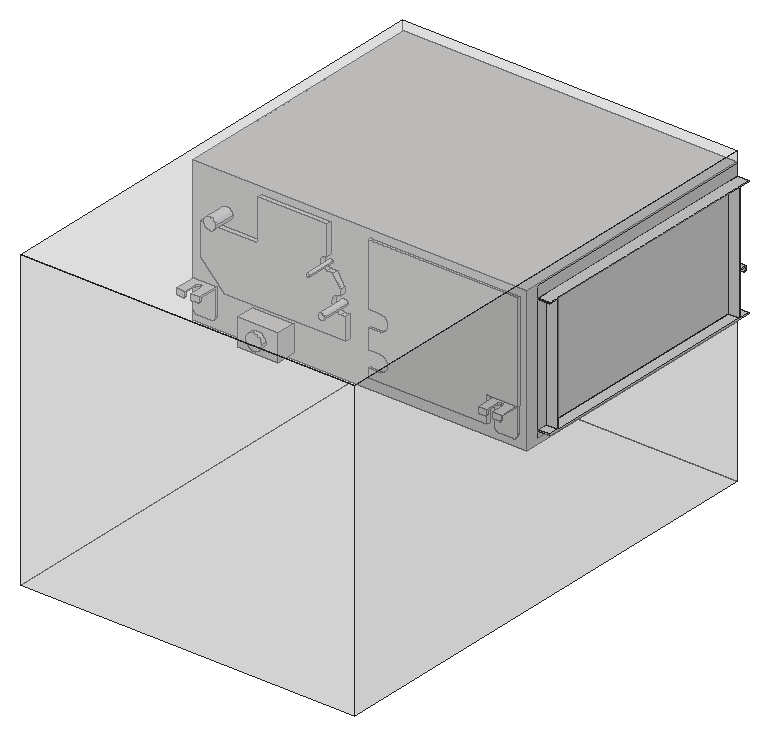
Revit family "outputfile", category 機械設備, Revit 2024
Family settings
  丸型コネクタ寸法 = 半径を使用
  パーツ タイプ = 標準
  OmniClass 番号 = 23.75.10.24.21.27.27
  OmniClass タイトル = Split System Air Conditioning Units
  作業面ベース = いいえ
  常に垂直 = はい
  ロード時にボイドで切り取り = いいえ
  注釈の向きを維持 = いいえ
  共有 = いいえ
  部屋計算ポイント = はい
Parameters (values of type "FXMQ25PAVS")
  Description = ""
  製造元 = "Daikin"
  書き出し IFC クラス(タイプ) = "IfcUnitaryEquipmentType"
  定義済み IFC タイプ(タイプ) = "AIRCONDITIONINGUNIT"
  Cost = 0
  モデル = "FXMQ25PAVS"
  Type Comments = ""
  Keynote = ""
  Type Image = (empty or 0)
  Assembly Code = ""
  r_Liquid Pipe Size = Liquid Pipe Size / 2  # 3.2 mm
  r_Gas Pipe Size = Gas Pipe Size / 2  # 6.35 mm
  r_Drain Pipe Size = Drain Pipe Size / 2  # 12.5 mm
  lw_power = 396.0 mm  # constant formula
  lh_SA = 165.0 mm  # constant formula
  lw_SA = if(Depth = 550.0 mm, 210.0 mm, if(Depth = 700.0 mm, 285.0 mm, if(Depth = 1000.0 mm, 435.0 mm, 635.0 mm)))  # 210.0 mm
  lw_RA = if(Depth = 550.0 mm, 288.0 mm, if(Depth = 700.0 mm, 363.0 mm, if(Depth = 1000.0 mm, 513.0 mm, 713.0 mm)))  # 288.0 mm
  lh_power = 60.0 mm + [h***]  # 60.0 mm
  lh_mountinghole1 = lh_mountinghole + [h***]  # 80.0 mm
  lh_RA = 150.0 mm  # constant formula
  ld_power = Depth / 2  # 275.0 mm
  Voltage_comment_50Hz = "220-240"
  Voltage_50Hz = 220 V
  URL = ""
  Supply Air Direction [instance] = yes
  Sound Power Level_H speed (dB) = 51
  Phase_50Hz = 1
  Minimum External Static Pressure = 30.00 Pa
  Minimum Circuit Amps_50Hz = 0.6 A
  Maximum Fuse Amps_50Hz = 16.0 A
  Maximum External Static Pressure = 100.00 Pa
  Material_Casing = DAIKIN_GalvanizedSteel_Casing_indoorunit
  lw_mountinghole = 631.0 mm  # constant formula
  lh_gaspipe = 144.0 mm + [h***]  # 144.0 mm
  lh_mountinghole = 80.0 mm  # constant formula
  lh_liquidpipe = 212.0 mm + [h***]  # 212.0 mm
  lh_drainpipe = 232.0 mm + [h***]  # 232.0 mm
  lh_antena = Height - lh_mountinghole + 1.0 mm  # 221.0 mm
  ld_drainpipe = Depth / 2 + 54.0 mm  # 329.0 mm
  ld_liquidpipe = 335.0 mm
  ld_gaspipe = 335.0 mm
  ld_mountinghole = Depth + 38.0 mm  # 588.0 mm
  h*** = 0.0 mm  # constant formula
  lw_liquidpipe = 290.0 mm  # constant formula
  lw_gaspipe = 318.0 mm  # constant formula
  lw_drainpipe = 80.0 mm  # constant formula
  Width = 700.0 mm
  Version = "ver.1.0"
  Unit Type = "Middle-High Static Pressure Duct Type"
  Unit Mass Weight = 25.00 kg
  Unit Designation [instance] = ""
  Uniclass2015Version = "Products v1.30"
  Uniclass2015Title = "Variable refrigerant flow units"
  Uniclass2015Code = "Pr_70_65_03_94"
  Total Heating Capacity [instance] = 0.000 kW
  Total Cooling Capacity [instance] = 0.000 kW
  Sound Pressure Level_M speed (dBA) = 0
  Sound Pressure Level_L speed (dBA) = 28
  Sound Pressure Level_H speed (dBA) = 33
  Series = "VRV Fan Coil Unit"
  Sensible Cooling Capacity [instance] = 0.000 kW
  SA Duct Size Width = if(Depth = 550.0 mm, 310.0 mm, if(Depth = 700.0 mm, 460.0 mm, if(Depth = 1000.0 mm, 760.0 mm, 1160.0 mm)))  # 310.0 mm
  SA Duct Size Height = 215.0 mm
  Refrigerant Type = "R410A"
  RA Duct Size Width = if(Depth = 550.0 mm, 475.0 mm, if(Depth = 700.0 mm, 625.0 mm, if(Depth = 1000.0 mm, 925.0 mm, 1325.0 mm)))  # 475.0 mm
  RA Duct Size Height = 247.0 mm
  Power Input (Heating) = 0.069 kW
  Power Input (Cooling) = 0.081 kW
  Option Accessory 3 [instance] = ""
  Option Accessory 2 [instance] = ""
  Option Accessory 1 [instance] = ""
  Nominal Heating Capacity = 3.200 kW
  Nominal Cooling Capacity = 2.800 kW
  Minimum Airflow = 390.00 m³/h
  Median Airflow = 450.00 m³/h
  Maximum Airflow = 540.00 m³/h
  Load Classification = HVAC
  Liquid Pipe Size = 6.4 mm
  Link_Nested Family [instance] = ""
  IfcVersion = "0"
  IfcExportType = "AIRCONDITIONINGUNIT"
  IfcExportAs = "IfcUnitaryEquipmentType"
  Height = 300.0 mm
  Heating Entering Wet Bulb Temperature [instance] = 0.00 °C
  Heating Entering Dry Bulb Temperature [instance] = 0.00 °C
  Heating Ambient Wet Bulb Temperature [instance] = 0.00 °C
  Heating Ambient Dry Bulb Temperature [instance] = 0.00 °C
  Heat Exchanger Type = "Cross Fin Coil"
  Gas Pipe Size = 12.7 mm
  Frequency_50Hz = 50 Hz
  Fan Type = "Sirocco Fan"
  Fan Drive = "Direct Drive"
  FCU Tag No. [instance] = ""
  Drain Pipe Size = 25.0 mm
  Design Supply Airflow [instance] = 0.00 m³/h
  Design Return Airflow [instance] = 0.00 m³/h
  Design External Static Pressure [instance] = 0.00 Pa
  Depth = 550.0 mm
  既定の高さ = 0.0 mm
  Cooling Entering Wet Bulb Temperature [instance] = 0.00 °C
  Cooling Entering Dry Bulb Temperature [instance] = 0.00 °C
  Cooling Ambient Wet Bulb Temperature [instance] = 0.00 °C
  Cooling Ambient Dry Bulb Temperature [instance] = 0.00 °C
  Clearance visibility [instance] = yes
  Clearance Top = 20.0 mm
  Clearance Right = 0.0 mm
  Clearance Rear = 0.0 mm
  Clearance Left = 0.0 mm
  Clearance Front = 450.0 mm
  Clearance Bottom = 300.0 mm
Reference planes
  plane 1 "Center (Front/Back)": y = 0
  plane 2 "h": z = 0
  plane 3 "Center (Left/Right)": x = 0
  plane 4 "Back": y = 275
  plane 5 "Front": y = -275
  plane 6 "Left": x = -350
  plane 7 "Reight": x = 350
  plane 8 "Top": z = 0
  plane 9 "Bottom": z = -300
  plane 10: y = -215
  plane 11: y = 275
  plane 12: y = -725
  plane 13: x = -350
  plane 14: x = 350
  plane 15: z = 20
  plane 16: z = -600
  plane 17: x = -350
  plane 18: z = -135
  plane 19: x = -349
  plane 20: x = 349
  plane 21: y = 65
  plane 22: y = 13
  plane 23: z = -150
  plane 24: y = -285.8
  plane 25: z = -14
  plane 26: z = -219
  plane 27: x = -324
  plane 28: x = -60
  plane 29: x = -20
  plane 30: z = -156
  plane 31: x = -32
  plane 32: z = -88
  plane 33: x = 23
  plane 34: x = 335
  plane 35: z = -15.8
  plane 36: z = -274.8
  plane 37: z = -219.8
  plane 38: x = 271
  plane 39: x = -223.3
  plane 40: x = -138.3
  plane 41: z = -232.7
  plane 42: z = -288.5
  plane 43: y = -316
  plane 44: x = -181
  plane 45: z = -260
  plane 46: y = -326
  plane 47: z = -163.8
  plane 48: z = -239.8
  plane 49: x = 46
  plane 50: z = -88
  plane 51: x = -60
  plane 52: y = -335
  plane 53: z = -156
  plane 54: x = -32
  plane 55: y = -329
  plane 56: z = -68
  plane 57: x = -270
  plane 58: x = -270
  plane 59: x = -60
  plane 60: x = -32
  plane 61: x = 46
  plane 62: x = -323
  plane 63: x = 308
  plane 64: y = -294
  plane 65: y = 294
  plane 66: z = -220
  plane 67: y = -281
  plane 68: x = -204
  plane 69: z = -100.2
  plane 70: x = -374
  plane 71: x = 374
Forms (mm)
  Extrusion 1, solid, material "DAIKIN_GalvanizedSteel_Casing_indoorunit" <- "Material_Casing"
    sketch origin (0, 0, 0) x (1, 0, 0) y (0, 1, 0)
      loop
        line (-349, 275) -> (-349, -275) -> (349, -275) -> (349, 275) -> (-349, 275)
    from -300 to 0
  Extrusion 2, solid, material "DAIKIN_GalvanizedSteel_Casing_indoorunit" <- "Material_Casing"
    sketch origin (0, 0, 0) x (1, 0, 0) y (0, 0, 1)
      loop
        line (-324, -100.2) -> (-324, -168) -> (-273, -219) -> (-20, -219) -> (-20, -173.5) -> (-32, -173.5)
        arc (-32, -173.5) -> (-49.5, -156) -> (-32, -138.5) r 17.5
        line (-32, -138.5) -> (-32, -127.5) -> (-47, -101) -> (-60, -101)
        arc (-60, -101) -> (-73, -88) -> (-60, -75) r 13
        line (-60, -75) -> (-60, -14) -> (-204, -14) -> (-204, -100.2) -> (-324, -100.2)
    from 275 to 285.8
  Extrusion 3, solid, material "DAIKIN_GalvanizedSteel_Casing_indoorunit" <- "Material_Casing"
    sketch origin (0, 0, 0) x (1, 0, 0) y (0, 0, 1)
      loop
        line (23, -274.8) -> (271, -274.8) -> (271, -219.8) -> (335, -219.8) -> (335, -15.8) -> (23, -15.8) -> (23, -146.3) -> (46, -146.3)
        arc (46, -146.3) -> (63.5, -163.8) -> (46, -181.3) r 17.5
        line (46, -181.3) -> (23, -181.3) -> (23, -222.3) -> (46, -222.3)
        arc (46, -222.3) -> (63.5, -239.8) -> (46, -257.3) r 17.5
        line (46, -257.3) -> (23, -257.3) -> (23, -274.8)
    from 275 to 281
  Extrusion 4, solid, material "DAIKIN_GalvanizedSteel_Casing_indoorunit" <- "Material_Casing"
    sketch origin (0, 0, 0) x (1, 0, 0) y (0, 0, 1)
      loop
        line (-223.3, -232.7) -> (-223.3, -288.5) -> (-138.3, -288.5) -> (-138.3, -232.7) -> (-223.3, -232.7)
    from 275 to 316
  Extrusion 5, solid, material "DAIKIN_GalvanizedSteel_Casing_indoorunit" <- "Material_Casing"
    sketch origin (0, 0, 0) x (1, 0, 0) y (0, 0, 1)
      loop
        circle (-181, -260) r 16.5
    from 316 to 326
  Extrusion 6, solid
    sketch origin (0, 0, 0) x (1, 0, 0) y (0, 0, 1)
      loop
        circle (-60, -88) r 3.2
    from 275 to 335
  Extrusion 7, solid
    sketch origin (0, 0, 0) x (1, 0, 0) y (0, 0, 1)
      loop
        circle (-32, -156) r 6.35
    from 275 to 335
  Extrusion 8, solid
    sketch origin (0, 0, 0) x (1, 0, 0) y (0, 0, 1)
      loop
        circle (-270, -68) r 12.5
    from 285.8 to 329
Dimensions and locks
  "Height": plane 8 "Top" to plane 9 "Bottom"
  equal spacing: plane 4 "Back", plane 1 "Center (Front/Back)", plane 5 "Front"
  "Depth": plane 4 "Back" to plane 5 "Front"
  equal spacing: plane 6 "Left", plane 3 "Center (Left/Right)", plane 7 "Reight"
  "Width": plane 6 "Left" to plane 7 "Reight"
  "Clearance Left": plane 13 to plane 6 "Left"
  "Clearance Right": plane 7 "Reight" to plane 14
  "Clearance Rear": plane 11 to plane 4 "Back"
  "Clearance Front": plane 5 "Front" to plane 12
  "Clearance Top": plane 15 to plane 8 "Top"
  "Clearance Bottom": plane 9 "Bottom" to plane 16
  "lh_SA": plane 18 to plane 9 "Bottom"
  locked: plane 17 to plane 19 at 1
  locked: plane 20 to plane 14 at 1
  "lw_SA": plane 11 to plane 21
  "lw_RA": plane 22 to plane 5 "Front"
  "lh_RA": plane 23 to plane 9 "Bottom"
  locked: plane 5 "Front" to plane 24 at 10.8
  plane 29 to plane 28 to plane 27 to plane 6 "Left" = 40.0 mm, 264.0 mm, 26.0 mm
  locked: plane 31 to plane 6 "Left" at 318
  plane 34 to plane 33 to plane 6 "Left" = 312.0 mm locked, 373.0 mm locked
  locked: plane 34 to plane 38 at 64
  locked: plane 37 to plane 36 at 55
  plane 40 to plane 39 to plane 6 "Left" = 85.0 mm locked, 126.7 mm locked
  locked: plane 5 "Front" to plane 43 at 41
  locked: plane 44 to plane 6 "Left" at 169
  locked: plane 43 to plane 46 at 10
  plane 47 to plane 48 to plane 36 = 76.0 mm locked, 35.0 mm locked
  locked: plane 49 to plane 33 at 23
  "lw_liquidpipe": plane 51 to plane 6 "Left"
  "lh_liquidpipe": plane 50 to plane 9 "Bottom"
  "lh_gaspipe": plane 53 to plane 9 "Bottom"
  "lw_gaspipe": plane 54 to plane 6 "Left"
  "ld_gaspipe": plane 52 to plane 1 "Center (Front/Back)"
  "ld_drainpipe": plane 55 to plane 1 "Center (Front/Back)"
  "lh_drainpipe": plane 56 to plane 9 "Bottom"
  "lw_drainpipe": plane 57 to plane 6 "Left"
  "lw_drainpipe": plane 6 "Left" to plane 58
  "lw_liquidpipe": plane 6 "Left" to plane 59
  "lw_gaspipe": plane 6 "Left" to plane 60
  "lw_power": plane 6 "Left" to plane 61
  plane 17 to plane 62 = 27.0 mm
  "lw_mountinghole": plane 62 to plane 63
  equal spacing: plane 64, plane 1 "Center (Front/Back)", plane 65
  "ld_mountinghole": plane 65 to plane 64
  "lh_mountinghole": plane 66 to plane 9 "Bottom"
  plane 8 "Top" to plane 41 to plane 42 = 232.7 mm locked, 55.8 mm locked
  locked: plane 8 "Top" to plane 45 at 260
  plane 8 "Top" to plane 25 to plane 26 = 14.0 mm locked, 205.0 mm locked
  plane 8 "Top" to plane 32 to plane 30 = 88.0 mm locked, 68.0 mm locked
  plane 8 "Top" to plane 35 to plane 36 = 15.8 mm locked, 259.0 mm locked
  locked: plane 5 "Front" to plane 67 at 6
  locked: plane 25 to plane 69 at 86.2
  locked: plane 27 to plane 68 at 120
  locked: plane 70 to plane 6 "Left" at 24
  locked: plane 14 to plane 71 at 24
  "r_Liquid Pipe Size": radius of Extrusion 6 sketch curve
  "r_Gas Pipe Size": radius of Extrusion 7 sketch curve
  "r_Drain Pipe Size": radius of Extrusion 8 sketch curve
  aligned and locked: level to plane 2 "h"
  aligned and locked: plane 8 "Top" to Extrusion 1
  aligned and locked: Extrusion 1 to plane 9 "Bottom"
  aligned and locked: nested 5 to plane 12
  aligned and locked: plane 13 to nested 5
  aligned and locked: plane 14 to nested 5
  aligned and locked: nested 5 to plane 13
  aligned and locked: plane 11 to nested 5
  aligned and locked: plane 15 to nested 5
  aligned and locked: plane 16 to nested 5
  aligned and locked: plane 5 "Front" to Extrusion 1 sketch curve
  aligned and locked: Extrusion 1 to plane 19
  aligned and locked: plane 20 to Extrusion 1
  aligned and locked: nested 7 to plane 19
  aligned and locked: nested 7 to plane 21
  aligned and locked: plane 18 to nested 7
  aligned and locked: plane 20 to nested 8
  aligned and locked: plane 22 to nested 8
  aligned and locked: plane 23 to nested 8
  aligned and locked: Extrusion 2 to plane 24
  aligned and locked: plane 5 "Front" to Extrusion 2
  aligned and locked: plane 36 to Extrusion 3 sketch curve
  aligned and locked: plane 38 to Extrusion 3 sketch curve
  aligned and locked: plane 37 to Extrusion 3 sketch curve
  aligned and locked: Extrusion 3 sketch curve to plane 34
  aligned and locked: Extrusion 3 sketch curve to plane 35
  aligned and locked: Extrusion 3 sketch curve to plane 33
  aligned and locked: plane 5 "Front" to Extrusion 3
  aligned and locked: Extrusion 4 sketch curve to plane 41
  aligned and locked: Extrusion 4 sketch curve to plane 39
  aligned and locked: plane 42 to Extrusion 4 sketch curve
  aligned and locked: plane 40 to Extrusion 4 sketch curve
  aligned and locked: Extrusion 4 to plane 43
  aligned and locked: plane 5 "Front" to Extrusion 4
  aligned and locked: Extrusion 5 sketch curve to plane 44
  aligned and locked: plane 45 to Extrusion 5 sketch curve
  aligned and locked: Extrusion 5 to plane 46
  aligned and locked: plane 43 to Extrusion 5
  aligned and locked: Extrusion 6 sketch curve to plane 51
  aligned and locked: plane 50 to Extrusion 6 sketch curve
  aligned and locked: Extrusion 6 to plane 52
  aligned and locked: plane 5 "Front" to Extrusion 6
  aligned and locked: Extrusion 7 sketch curve to plane 54
  aligned and locked: plane 53 to Extrusion 7 sketch curve
  aligned and locked: Extrusion 7 to Extrusion 6
  aligned and locked: plane 5 "Front" to Extrusion 7
  aligned and locked: Extrusion 8 sketch curve to plane 57
  aligned and locked: plane 56 to Extrusion 8 sketch curve
  aligned and locked: Extrusion 8 to plane 55
  aligned and locked: plane 24 to Extrusion 8
  aligned and locked: nested 3 to plane 55
  aligned and locked: plane 58 to nested 3
  aligned and locked: nested 2 to plane 59
  aligned and locked: nested 2 to plane 52
  aligned and locked: nested 1 to plane 60
  aligned and locked: Extrusion 7 to plane 52
  aligned and locked: nested 1 to plane 52
  aligned and locked: nested 6 to plane 5 "Front"
  aligned and locked: plane 61 to nested 6
  aligned and locked: plane 62 to nested 10
  aligned and locked: nested 10 to plane 5 "Front"
  aligned and locked: plane 63 to nested 9
  aligned and locked: nested 9 to plane 5 "Front"
  aligned and locked: nested 11 to plane 62
  aligned and locked: plane 4 "Back" to nested 11
  aligned and locked: nested 12 to plane 63
  aligned and locked: plane 4 "Back" to nested 12
  aligned and locked: plane 66 to nested 10
  aligned and locked: plane 66 to nested 11
  aligned and locked: plane 66 to nested 9
  aligned and locked: plane 66 to nested 12
  aligned and locked: plane 62 to nested 14
  aligned and locked: nested 14 to plane 65
  aligned and locked: plane 63 to nested 13
  aligned and locked: nested 13 to plane 65
  aligned and locked: plane 63 to nested 16
  aligned and locked: plane 64 to nested 16
  aligned and locked: plane 64 to nested 15
  aligned and locked: plane 62 to nested 15
  aligned and locked: Extrusion 3 to plane 67
  aligned and locked: Extrusion 2 sketch curve to plane 68
  aligned and locked: plane 69 to Extrusion 2 sketch curve
  aligned and locked: nested 17 to plane 21
  aligned and locked: nested 17 to plane 70
  aligned and locked: plane 18 to nested 17
  aligned and locked: plane 22 to nested 18
  aligned and locked: plane 71 to nested 18
  aligned and locked: nested 18 to plane 23
  aligned and locked: nested 4 to plane 3 "Center (Left/Right)"
  aligned and locked: plane 1 "Center (Front/Back)" to nested 4
  aligned and locked: level to plane 8 "Top"
Automatic sketch dimensions
  plane 6 "Left" to Extrusion 1 sketch curve = 1.0 mm
  Extrusion 1 sketch curve to plane 7 "Reight" = 1.0 mm
  Extrusion 1 sketch curve to plane 4 "Back" = 0.0 mm
  Extrusion 3 sketch curve to plane 33 = 0.0 mm  (x2)
  Extrusion 3 sketch curve to plane 47 = 0.0 mm
  Extrusion 3 sketch curve to plane 49 = 0.0 mm  (x4)
  Extrusion 3 sketch curve to plane 48 = 0.0 mm
  Extrusion 3 sketch curve to plane 37 = 2.5 mm
  plane 23 to Extrusion 3 sketch curve = 3.7 mm
  plane 27 to Extrusion 2 sketch curve = 0.0 mm
  Extrusion 2 sketch curve to plane 26 = 0.0 mm
  Extrusion 2 sketch curve to plane 28 = 0.0 mm
  Extrusion 2 sketch curve to plane 31 = 0.0 mm
  Extrusion 2 sketch curve to plane 29 = 0.0 mm
  Extrusion 2 sketch curve to plane 30 = 0.0 mm
  Extrusion 2 sketch curve to plane 32 = 0.0 mm
  Extrusion 2 sketch curve to plane 25 = 0.0 mm
  Extrusion 2 sketch curve to Extrusion 2 sketch curve = 13.0 mm
  Extrusion 2 sketch curve to Extrusion 2 sketch curve = 17.5 mm
  plane 18 to Extrusion 2 sketch curve = 7.5 mm
  Extrusion 2 sketch curve to plane 58 = 3.0 mm
  Extrusion 2 sketch curve to plane 30 = 12.0 mm
  Extrusion 2 sketch curve to Extrusion 2 sketch curve = 0.8 mm
  radius of Extrusion 5 sketch curve = 16.5 mm
Nested families
  nested 1: "daikin_connector_rotate2" at (-32, 0, -156), length <- "ld_gaspipe", built-in parameter 1001364 <- "lh_gaspipe", radius <- "r_Gas Pipe Size", type "daikin_connector_rotate2"
    with radius 6.35 mm, length 335.0 mm, angle_vertical 90.00°
  nested 2: "daikin_connector_rotate2" at (-60, 0, -88), length <- "ld_liquidpipe", built-in parameter 1001364 <- "lh_liquidpipe", radius <- "r_Liquid Pipe Size", type "daikin_connector_rotate2"
    with radius 3.2 mm, length 335.0 mm, angle_vertical 90.00°
  nested 3: "daikin_connector_rotate2" at (-270, 0, -68), length <- "ld_drainpipe", built-in parameter 1001364 <- "lh_drainpipe", radius <- "r_Drain Pipe Size", type "daikin_connector_rotate2"
    with radius 12.5 mm, length 329.0 mm, angle_vertical 90.00°
  nested 4: "daikin_△_symbolicline" at (0, 0, 300) x (0, -1, 0) z (0, 0, 1), built-in parameter 1001364 <- "Height", visible <- "Supply Air Direction", type "daikin_△_symbolicline"
    with length 200.0 mm
  nested 5: "daikin_clearancespace" at (0, -225, -289.881), visible <- "Clearance visibility", show <- "Clearance visibility", Link_Nested Family <- "Link_Nested Family", type "daikin_clearancespace"
    with width 700.0 mm, show yes, height 620.0 mm, depth 1000.0 mm, Link_Nested Family ""
  nested 6: "daikin_connector_rotate2" at (46, 0, -240), built-in parameter 1001364 <- "lh_power", length <- "ld_power", type "daikin_connector_rotate2"
    with radius 10.0 mm, length 275.0 mm, angle_vertical 90.00°
  nested 7: "daikin_ductflange_FXMQ-PAVS2" at (-349, 65, -135) x (0, -1, 0) z (0, 0, 1), type "daikin_ductflange_FXMQ-PAVS2"
  nested 8: "daikin_ductflange_FXMQ-PAVS" at (349, 13, -150) x (0, 1, 0) z (0, 0, 1), type "daikin_ductflange_FXMQ-PAVS"
  nested 9: "daikin_hangerfixture_FXMQ-PAVS" at (308, -275, -220), type "daikin_hangerfixture_FXMQ-PAVS"
  nested 10: "daikin_hangerfixture_FXMQ-PAVS" at (-323, -275, -220), type "daikin_hangerfixture_FXMQ-PAVS"
  nested 11: "daikin_hangerfixture_FXMQ-PAVS" at (-323, 275, -220) x (-1, 0, 0) z (0, 0, 1), type "daikin_hangerfixture_FXMQ-PAVS"
  nested 12: "daikin_hangerfixture_FXMQ-PAVS" at (308, 275, -220) x (-1, 0, 0) z (0, 0, 1), type "daikin_hangerfixture_FXMQ-PAVS"
  nested 13: "daikin_mountinghole" at (308, 294, -300), h_mountinghole <- "lh_mountinghole1", l_antenna <- "lh_antena", Link_Nested Family <- "Link_Nested Family", type "daikin_mountinghole"
    with show yes, l_antenna 221.0 mm, h_mountinghole 80.0 mm, Link_Nested Family ""
  nested 14: "daikin_mountinghole" at (-323, 294, -300), h_mountinghole <- "lh_mountinghole1", l_antenna <- "lh_antena", Link_Nested Family <- "Link_Nested Family", type "daikin_mountinghole"
    with show yes, l_antenna 221.0 mm, h_mountinghole 80.0 mm, Link_Nested Family ""
  nested 15: "daikin_mountinghole" at (-323, -294, -300), h_mountinghole <- "lh_mountinghole1", l_antenna <- "lh_antena", Link_Nested Family <- "Link_Nested Family", type "daikin_mountinghole"
    with show yes, l_antenna 221.0 mm, h_mountinghole 80.0 mm, Link_Nested Family ""
  nested 16: "daikin_mountinghole" at (308, -294, -300), h_mountinghole <- "lh_mountinghole1", l_antenna <- "lh_antena", Link_Nested Family <- "Link_Nested Family", type "daikin_mountinghole"
    with show yes, l_antenna 221.0 mm, h_mountinghole 80.0 mm, Link_Nested Family ""
  nested 17: "daikin_connector_rotate2" at (-350, 65, -135) x (0, -1, 0) z (0, 0, 1), type "daikin_connector_rotate2"
    with radius 10.0 mm, length 24.0 mm, angle_vertical 90.00°
  nested 18: "daikin_connector_rotate2" at (350, 13, -150) x (0, 1, 0) z (0, 0, 1), type "daikin_connector_rotate2"
    with radius 10.0 mm, length 24.0 mm, angle_vertical 90.00°
Connectors
  piping at (-270, -329, -68), diameter 25, driven by "r_Drain Pipe Size"
    settings: on nested 3, index 3, connector inside diameter 609.6 mm, connector length 0.0 mm, flow factor 0, pipe flow 0.00 m³/h, pressure drop 0.0 Pa, fitting loss kfactor 0, connector angle 0.00°, fixture units 0, engagement length 0.0 mm, angle of deflection 0.00°, flow configuration 1, flow direction 2, fitting loss method 4, system type 16, joint type 0, gender type 0, connector reference index -1, connector utility 0, adjustable connector no, is connector primary yes, connector description "Condensate Drain Piping"
  piping at (-32, -335, -156), diameter 12.7, driven by "r_Gas Pipe Size"
    settings: on nested 1, index 4, connector inside diameter 609.6 mm, connector length 0.0 mm, flow factor 0, pipe flow 0.00 m³/h, pressure drop 0.0 Pa, fitting loss kfactor 0, connector angle 0.00°, fixture units 0, engagement length 0.0 mm, angle of deflection 0.00°, flow configuration 1, flow direction 2, fitting loss method 0, system type 29, joint type 0, gender type 0, connector reference index -1, connector utility 0, adjustable connector no, is connector primary no, connector description "Refrigerant Gas Piping"
  piping at (-60, -335, -88), diameter 6.4, driven by "r_Liquid Pipe Size"
    settings: on nested 2, index 5, connector inside diameter 609.6 mm, connector length 0.0 mm, flow factor 0, pipe flow 0.00 m³/h, pressure drop 0.0 Pa, fitting loss kfactor 0, connector angle 0.00°, fixture units 0, engagement length 0.0 mm, angle of deflection 0.00°, flow configuration 1, flow direction 1, fitting loss method 0, system type 29, joint type 0, gender type 0, connector reference index -1, connector utility 0, adjustable connector no, is connector primary no, connector description "Refrigerant Liquid Piping"
  electrical at (46, -275, -240), driven by "Load Classification"
    settings: on nested 6, index 6, voltage 0 V, apparent load 0 VA, apparent load phase1 0 VA, apparent load phase2 0 VA, apparent load phase3 0 VA, power factor 1, load classification "HVAC", number of poles 1, system type 30, power factor state 1, is connector primary yes, connector utility no, sub classification motor no, connector description "Power Supply"
  hvac at (-374, 65, -135), driven by "SA Duct Size Height", driven by "SA Duct Size Width"
    settings: on nested 17, index 7, duct flow 0.00 m³/h, flow factor 0, pres drop 0.00 Pa, loss coef 0, conn angle 0.00°, conn width 310.0 mm, conn height 215.0 mm, conn diameter 609.6 mm, duct sys type 1, conn prof type 1, flow config 0, flow direction 2, loss method 4, conn ref index -1, conn util no, is conn primary yes, conn desc "SA Duct"
  hvac at (374, 13, -150), driven by "RA Duct Size Height", driven by "RA Duct Size Width"
    settings: on nested 18, index 8, duct flow 0.00 m³/h, flow factor 0, pres drop 0.00 Pa, loss coef 0, conn angle 0.00°, conn width 475.0 mm, conn height 247.0 mm, conn diameter 609.6 mm, duct sys type 2, conn prof type 1, flow config 0, flow direction 1, loss method 4, conn ref index -1, conn util no, is conn primary no, conn desc "RA Duct"
Definition of nested family "daikin_clearancespace"
  Parameters (values of type "daikin_clearancespace")
    width [instance] = 1823.963 mm
    show [instance] = yes
    material = none
    height [instance] = 1359.762 mm
    depth [instance] = 880.0 mm
    Default Elevation = 0.0 mm
    Link_Nested Family [instance] = ""
  Reference planes
    plane 1 "Center (Front/Back)": y = 0
    plane 2 "Center (Elevation)": z = -0.119
    plane 3 "Center (Left/Right)": x = 0
    plane 4: y = 440
    plane 5: y = -440
    plane 6 "Right": x = 911.982
    plane 7 "Left": x = -911.982
    plane 8 "Top": z = 679.762
    plane 9 "Bottom": z = -680
  Forms (mm)
    Extrusion 1, solid, material <- "material", visible <- "show"
      sketch origin (0, 0, 0) x (1, 0, 0) y (0, 1, 0)
        loop
          line (-911.982, 440) -> (-911.982, -440) -> (911.982, -440) -> (911.982, 440) -> (-911.982, 440)
      from -680 to 679.762
  Lines and regions (mm)
    symbolic lines, visible <- "show"
      curve 1: line (911.982, 440, 0) -> (-911.982, 440, 0)
      curve 2: line (-911.982, 440, 0) -> (-911.982, -440, 0)
      curve 3: line (-911.982, -440, 0) -> (911.982, -440, 0)
      curve 4: line (911.982, -440, 0) -> (911.982, 440, 0)
      curve 5: line (911.982, 0, 679.762) -> (-911.982, 0, 679.762)
      curve 6: line (911.982, 0, -680) -> (911.982, 0, 679.762)
      curve 7: line (-911.982, 0, -680) -> (911.982, 0, -680)
      curve 8: line (-911.982, 0, 679.762) -> (-911.982, 0, -680)
      curve 9: line (0, 440, 679.762) -> (0, -440, 679.762)
      curve 10: line (0, -440, 679.762) -> (0, -440, -680)
      curve 11: line (0, 440, -680) -> (0, 440, 679.762)
      curve 12: line (0, -440, -680) -> (0, 440, -680)
  Dimensions and locks
    "width": plane 7 "Left" to plane 6 "Right"
    "depth": plane 4 to plane 5
    "height": plane 8 "Top" to plane 9 "Bottom"
    equal spacing: plane 7 "Left", plane 3 "Center (Left/Right)", plane 6 "Right"
    equal spacing: plane 4, plane 1 "Center (Front/Back)", plane 5
    equal spacing: plane 8 "Top", plane 2 "Center (Elevation)", plane 9 "Bottom"
    aligned and locked: level to plane 2 "Center (Elevation)"
    aligned and locked: Extrusion 1 sketch curve to plane 4
    aligned and locked: plane 7 "Left" to Extrusion 1 sketch curve
    aligned and locked: Extrusion 1 sketch curve to plane 5
    aligned and locked: Extrusion 1 sketch curve to plane 6 "Right"
    aligned and locked: plane 8 "Top" to Extrusion 1
    aligned and locked: curve 1 to Extrusion 1
    aligned and locked: curve 2 to Extrusion 1
    aligned and locked: curve 3 to Extrusion 1
    aligned and locked: curve 4 to Extrusion 1
    aligned and locked: curve 5 to Extrusion 1
    aligned and locked: curve 6 to Extrusion 1
    aligned and locked: curve 7 to Extrusion 1
    aligned and locked: curve 8 to Extrusion 1
    aligned and locked: curve 9 to Extrusion 1
    aligned and locked: curve 10 to Extrusion 1
    aligned and locked: curve 11 to Extrusion 1
    aligned and locked: curve 12 to Extrusion 1
    aligned and locked: Extrusion 1 to plane 9 "Bottom"
Definition of nested family "daikin_ductflange_FXMQ-PAVS2"
  Parameters (values of type "daikin_ductflange_FXDSQ-AVM2")
    width = if(w = 550.0 mm, 310.0 mm, if(w = 700.0 mm, 460.0 mm, if(w = 1000.0 mm, 760.0 mm, 1160.0 mm)))  # 310.0 mm
    material = none
    height = 215.0 mm
    depth = 1.0 mm
    w = 550.0 mm
    Default Elevation = 0.0 mm
  Reference planes
    plane 1 "Center (Front/Back)": y = 0
    plane 2: z = 0
    plane 3 "Center (Left/Right)": x = 0
    plane 4: z = 107.5
    plane 5: z = -107.5
    plane 6: y = -25
    plane 7: z = 132.5
    plane 8: z = 108.5
    plane 9: y = -1
    plane 10: x = -177.5
    plane 11: x = 177.5
    plane 12: z = -132.5
    plane 13: z = -108.5
    plane 14: y = -1
    plane 15: x = 155
    plane 16: x = -155
    plane 17: x = 156
    plane 18: z = 106.5
    plane 19: z = -106.5
    plane 20: x = -156
    plane 21: z = 106.5
    plane 22: z = -106.5
    plane 23: y = -1
  Forms (mm)
    Extrusion 1, solid, material <- "material"
      sketch origin (0, 0, 0) x (0, 1, 0) y (0, 0, 1)
        loop
          line (-25, 107.5) -> (0, 107.5) -> (0, 132.5) -> (-1, 132.5) -> (-1, 108.5) -> (-25, 108.5) -> (-25, 107.5)
      from -177.5 to 177.5
    Extrusion 2, solid, material <- "material"
      sketch origin (0, 0, 0) x (0, 1, 0) y (0, 0, 1)
        loop
          line (-25, -107.5) -> (-25, -108.5) -> (-1, -108.5) -> (-1, -132.5) -> (0, -132.5) -> (0, -107.5) -> (-25, -107.5)
      from -177.5 to 177.5
    Extrusion 3, solid, material <- "material"
      sketch origin (0, 0, 0) x (1, 0, 0) y (0, 0, 1)
        loop
          line (155, 107.5) -> (155, -107.5) -> (177.5, -107.5) -> (177.5, -106.5) -> (156, -106.5) -> (156, 106.5) -> (177.5, 106.5) -> (177.5, 107.5) -> (155, 107.5)
      from 0 to 25
    Extrusion 4, solid, material <- "material"
      sketch origin (0, 0, 0) x (1, 0, 0) y (0, 0, 1)
        loop
          line (-177.5, 107.5) -> (-177.5, 106.5) -> (-156, 106.5) -> (-156, -106.5) -> (-177.5, -106.5) -> (-177.5, -107.5) -> (-155, -107.5) -> (-155, 107.5) -> (-177.5, 107.5)
      from 0 to 25
    Extrusion 5, solid, material <- "material"
      sketch origin (0, 0, 0) x (1, 0, 0) y (0, 0, 1)
        loop
          line (-177.5, 107.5) -> (-177.5, -107.5) -> (-155, -107.5) -> (-155, 107.5) -> (-177.5, 107.5)
        loop
          line (177.5, 107.5) -> (155, 107.5) -> (155, -107.5) -> (177.5, -107.5) -> (177.5, 107.5)
      from 0 to 1
  Cuts and joins
    joined: Extrusion 1, Extrusion 2, Extrusion 3, Extrusion 4, Extrusion 5
  Dimensions and locks
    plane 4 to level to plane 5 = 107.5 mm locked, 107.5 mm locked
    locked: plane 6 to plane 1 "Center (Front/Back)" at 25
    locked: plane 9 to plane 1 "Center (Front/Back)" at 1
    locked: plane 8 to plane 4 at 1
    locked: plane 11 to plane 15 at 22.5
    locked: plane 16 to plane 10 at 22.5
    locked: plane 17 to plane 15 at 1
    locked: plane 4 to plane 18 at 1
    locked: plane 19 to plane 5 at 1
    "width": plane 15 to plane 16
    plane 4 to plane 5 = 215.0 mm
    equal spacing: plane 15, plane 3 "Center (Left/Right)", plane 16
    locked: plane 16 to plane 20 at 1
    locked: plane 4 to plane 21 at 1
    locked: plane 22 to plane 5 at 1
    locked: plane 23 to plane 1 "Center (Front/Back)" at 1
    aligned and locked: level to plane 2
    aligned and locked: Extrusion 1 to plane 10
    aligned and locked: plane 11 to Extrusion 1
    aligned and locked: plane 5 to Extrusion 2
    aligned and locked: Extrusion 2 to plane 1 "Center (Front/Back)"
    aligned and locked: plane 15 to Extrusion 3 sketch curve
    aligned and locked: Extrusion 3 sketch curve to Extrusion 2  (x2)
    aligned and locked: Extrusion 3 sketch curve to plane 11
    aligned and locked: plane 6 to Extrusion 3
    aligned and locked: Extrusion 2 to plane 10
    aligned and locked: plane 11 to Extrusion 2
    aligned and locked: Extrusion 4 sketch curve to Extrusion 1  (x2)
    aligned and locked: plane 5 to Extrusion 4 sketch curve
    aligned and locked: Extrusion 4 sketch curve to plane 16
    aligned and locked: Extrusion 4 sketch curve to plane 22
    aligned and locked: plane 20 to Extrusion 4 sketch curve
    aligned and locked: plane 21 to Extrusion 4 sketch curve
    aligned and locked: Extrusion 4 to plane 1 "Center (Front/Back)"
    aligned and locked: plane 6 to Extrusion 4
    aligned and locked: Extrusion 5 sketch curve to Extrusion 1  (x4)
    aligned and locked: Extrusion 5 sketch curve to Extrusion 4  (x2)
    aligned and locked: Extrusion 5 sketch curve to Extrusion 3  (x2)
    aligned and locked: Extrusion 5 to plane 1 "Center (Front/Back)"
    aligned and locked: plane 23 to Extrusion 5
  Automatic sketch dimensions
    Extrusion 1 sketch curve to plane 6 = 0.0 mm
    Extrusion 1 sketch curve to plane 7 = 0.0 mm
    Extrusion 1 sketch curve to plane 9 = 0.0 mm
    Extrusion 1 sketch curve to plane 1 "Center (Front/Back)" = 0.0 mm
    Extrusion 1 sketch curve to plane 4 = 0.0 mm
    Extrusion 1 sketch curve to plane 8 = 0.0 mm
    Extrusion 2 sketch curve to plane 6 = 0.0 mm
    plane 12 to Extrusion 2 sketch curve = 0.0 mm
    Extrusion 2 sketch curve to plane 14 = 0.0 mm
    Extrusion 2 sketch curve to plane 1 "Center (Front/Back)" = 0.0 mm
    plane 13 to Extrusion 2 sketch curve = 0.0 mm
    Extrusion 2 sketch curve to plane 5 = 0.0 mm
    Extrusion 3 sketch curve to plane 17 = 0.0 mm
    Extrusion 3 sketch curve to plane 19 = 0.0 mm
    Extrusion 3 sketch curve to plane 18 = 0.0 mm
    Extrusion 3 sketch curve to plane 4 = 0.0 mm
    Extrusion 4 sketch curve to plane 10 = 0.0 mm
Definition of nested family "daikin_ductflange_FXMQ-PAVS"
  Parameters (values of type "daikin_ductflange_FXDSQ-AVM")
    width = if(w = 550.0 mm, 475.0 mm, if(w = 700.0 mm, 625.0 mm, if(w = 1000.0 mm, 925.0 mm, 1325.0 mm)))  # 475.0 mm
    material = none
    height = 247.0 mm
    depth = 1.0 mm
    w = 550.0 mm
    Default Elevation = 0.0 mm
  Reference planes
    plane 1 "Center (Front/Back)": y = 0
    plane 2: z = 0
    plane 3 "Center (Left/Right)": x = 0
    plane 4: z = 123.5
    plane 5: z = -123.5
    plane 6: y = -25
    plane 7: z = 146.5
    plane 8: z = 124.5
    plane 9: y = -1
    plane 10: x = -260
    plane 11: x = 260
    plane 12: z = -137
    plane 13: z = -124.5
    plane 14: y = -1
    plane 15: x = 237.5
    plane 16: x = -237.5
    plane 17: x = 238.5
    plane 18: z = 122.5
    plane 19: z = -122.5
    plane 20: x = -238.5
    plane 21: z = 122.5
    plane 22: z = -122.5
    plane 23: y = -1
  Forms (mm)
    Extrusion 1, solid, material <- "material"
      sketch origin (0, 0, 0) x (0, 1, 0) y (0, 0, 1)
        loop
          line (-25, 123.5) -> (0, 123.5) -> (0, 146.5) -> (-1, 146.5) -> (-1, 124.5) -> (-25, 124.5) -> (-25, 123.5)
      from -260 to 260
    Extrusion 2, solid, material <- "material"
      sketch origin (0, 0, 0) x (0, 1, 0) y (0, 0, 1)
        loop
          line (-25, -123.5) -> (-25, -124.5) -> (-1, -124.5) -> (-1, -137) -> (0, -137) -> (0, -123.5) -> (-25, -123.5)
      from -260 to 260
    Extrusion 3, solid, material <- "material"
      sketch origin (0, 0, 0) x (1, 0, 0) y (0, 0, 1)
        loop
          line (237.5, 123.5) -> (237.5, -123.5) -> (260, -123.5) -> (260, -122.5) -> (238.5, -122.5) -> (238.5, 122.5) -> (260, 122.5) -> (260, 123.5) -> (237.5, 123.5)
      from 0 to 25
    Extrusion 4, solid, material <- "material"
      sketch origin (0, 0, 0) x (1, 0, 0) y (0, 0, 1)
        loop
          line (-260, 123.5) -> (-260, 122.5) -> (-238.5, 122.5) -> (-238.5, -122.5) -> (-260, -122.5) -> (-260, -123.5) -> (-237.5, -123.5) -> (-237.5, 123.5) -> (-260, 123.5)
      from 0 to 25
    Extrusion 5, solid, material <- "material"
      sketch origin (0, 0, 0) x (1, 0, 0) y (0, 0, 1)
        loop
          line (-260, 123.5) -> (-260, -123.5) -> (-237.5, -123.5) -> (-237.5, 123.5) -> (-260, 123.5)
        loop
          line (260, 123.5) -> (237.5, 123.5) -> (237.5, -123.5) -> (260, -123.5) -> (260, 123.5)
      from 0 to 1
  Cuts and joins
    joined: Extrusion 1, Extrusion 2, Extrusion 3, Extrusion 4, Extrusion 5
  Dimensions and locks
    plane 4 to level to plane 5 = 123.5 mm, 123.5 mm
    locked: plane 6 to plane 1 "Center (Front/Back)" at 25
    locked: plane 9 to plane 1 "Center (Front/Back)" at 1
    locked: plane 8 to plane 4 at 1
    locked: plane 11 to plane 15 at 22.5
    locked: plane 16 to plane 10 at 22.5
    locked: plane 17 to plane 15 at 1
    locked: plane 4 to plane 18 at 1
    locked: plane 19 to plane 5 at 1
    "width": plane 15 to plane 16
    equal spacing: plane 15, plane 3 "Center (Left/Right)", plane 16
    locked: plane 16 to plane 20 at 1
    locked: plane 4 to plane 21 at 1
    locked: plane 22 to plane 5 at 1
    locked: plane 23 to plane 1 "Center (Front/Back)" at 1
    equal spacing: plane 4, level, plane 5
    locked: plane 7 to plane 4 at 23
    locked: plane 5 to plane 12 at 13.5
    locked: plane 1 "Center (Front/Back)" to plane 14 at 1
    locked: plane 5 to plane 13 at 1
    locked: plane 4 to plane 5 at 247
    aligned and locked: level to plane 2
    aligned and locked: Extrusion 1 to plane 10
    aligned and locked: plane 11 to Extrusion 1
    aligned and locked: plane 5 to Extrusion 2
    aligned and locked: Extrusion 2 to plane 1 "Center (Front/Back)"
    aligned and locked: plane 15 to Extrusion 3 sketch curve
    aligned and locked: Extrusion 3 sketch curve to Extrusion 2  (x2)
    aligned and locked: Extrusion 3 sketch curve to plane 11
    aligned and locked: plane 6 to Extrusion 3
    aligned and locked: Extrusion 2 to plane 10
    aligned and locked: plane 11 to Extrusion 2
    aligned and locked: Extrusion 4 sketch curve to Extrusion 1  (x2)
    aligned and locked: plane 5 to Extrusion 4 sketch curve
    aligned and locked: Extrusion 4 sketch curve to plane 16
    aligned and locked: Extrusion 4 sketch curve to plane 22
    aligned and locked: plane 20 to Extrusion 4 sketch curve
    aligned and locked: plane 21 to Extrusion 4 sketch curve
    aligned and locked: Extrusion 4 to plane 1 "Center (Front/Back)"
    aligned and locked: plane 6 to Extrusion 4
    aligned and locked: Extrusion 5 sketch curve to Extrusion 1  (x4)
    aligned and locked: Extrusion 5 sketch curve to Extrusion 4  (x2)
    aligned and locked: Extrusion 5 sketch curve to Extrusion 3  (x2)
    aligned and locked: Extrusion 5 to plane 1 "Center (Front/Back)"
    aligned and locked: plane 23 to Extrusion 5
  Automatic sketch dimensions
    Extrusion 1 sketch curve to plane 6 = 0.0 mm
    Extrusion 1 sketch curve to plane 7 = 0.0 mm
    Extrusion 1 sketch curve to plane 9 = 0.0 mm
    Extrusion 1 sketch curve to plane 1 "Center (Front/Back)" = 0.0 mm
    Extrusion 1 sketch curve to plane 4 = 0.0 mm
    Extrusion 1 sketch curve to plane 8 = 0.0 mm
    Extrusion 2 sketch curve to plane 6 = 0.0 mm
    plane 12 to Extrusion 2 sketch curve = 0.0 mm
    Extrusion 2 sketch curve to plane 14 = 0.0 mm
    Extrusion 2 sketch curve to plane 1 "Center (Front/Back)" = 0.0 mm
    plane 13 to Extrusion 2 sketch curve = 0.0 mm
    Extrusion 2 sketch curve to plane 5 = 0.0 mm
    Extrusion 3 sketch curve to plane 17 = 0.0 mm
    Extrusion 3 sketch curve to plane 19 = 0.0 mm
    Extrusion 3 sketch curve to plane 18 = 0.0 mm
    Extrusion 3 sketch curve to plane 4 = 0.0 mm
    Extrusion 4 sketch curve to plane 10 = 0.0 mm
Definition of nested family "daikin_hangerfixture_FXMQ-PAVS"
  Parameters (values of type "daikin_hangerfixture_FXMQ-PAVE")
    width = 48.0 mm
    material = none
    height = 65.0 mm
    depth = 45.0 mm
    Default Elevation = 0.0 mm
  Reference planes
    plane 1 "Center (Front/Back)": y = 0
    plane 2: z = 0
    plane 3 "Center (Left/Right)": x = 0
    plane 4: y = 417.146
    plane 5: y = -45
    plane 6: x = -24
    plane 7: x = 24
    plane 8: z = -2.3
    plane 9: z = -65
    plane 10: y = -2.3
    plane 11: z = -12
    plane 12: y = -42.7
  Forms (mm)
    Extrusion 1, solid, material <- "material"
      sketch origin (0, 0, 0) x (1, 0, 0) y (0, 1, 0)
        loop
          line (24, 0) -> (-24, 0) -> (-24, -45) -> (-6, -45) -> (-6, -19)
          arc (-6, -19) -> (0, -13) -> (6, -19) r 6
          line (6, -19) -> (6, -45) -> (24, -45) -> (24, 0)
      from 0 to -2.3
    Extrusion 2, solid, material <- "material"
      sketch origin (0, 0, 0) x (1, 0, 0) y (0, 0, 1)
        loop
          line (24, -55) -> (24, 0) -> (-24, 0) -> (-24, -55)
          arc (-24, -55) -> (-21.071, -62.071) -> (-14, -65) r 10
          line (-14, -65) -> (14, -65)
          arc (14, -65) -> (21.071, -62.071) -> (24, -55) r 10
      from 0 to 2.3
    Extrusion 3, solid, material <- "material"
      sketch origin (0, 0, 0) x (1, 0, 0) y (0, 0, 1)
        loop
          line (-6, -9) -> (-6, 0) -> (-24, 0) -> (-24, -9)
          arc (-24, -9) -> (-23.121, -11.121) -> (-21, -12) r 3
          line (-21, -12) -> (-9, -12)
          arc (-9, -12) -> (-6.879, -11.121) -> (-6, -9) r 3
        loop
          line (6, 0) -> (6, -9)
          arc (6, -9) -> (6.879, -11.121) -> (9, -12) r 3
          line (9, -12) -> (21, -12)
          arc (21, -12) -> (23.121, -11.121) -> (24, -9) r 3
          line (24, -9) -> (24, 0) -> (6, 0)
      from 42.7 to 45
  Cuts and joins
    joined: Extrusion 1, Extrusion 2, Extrusion 3
  Dimensions and locks
    "width": plane 6 to plane 7
    "depth": plane 5 to plane 1 "Center (Front/Back)"
    plane 2 to plane 8 = 2.3 mm
    "height": plane 2 to plane 9
    locked: plane 10 to plane 1 "Center (Front/Back)" at 2.3
    locked: plane 2 to plane 11 at 12
    locked: plane 12 to plane 5 at 2.3
    aligned and locked: level to plane 2
    aligned and locked: Extrusion 1 sketch curve to plane 1 "Center (Front/Back)"
    aligned and locked: plane 7 to Extrusion 1
    aligned and locked: Extrusion 1 to plane 6
    aligned and locked: Extrusion 1 to plane 5  (x2)
    aligned and locked: Extrusion 1 to plane 8
    aligned and locked: plane 2 to Extrusion 1
    aligned and locked: plane 2 to Extrusion 2 sketch curve
    aligned and locked: Extrusion 2 to plane 9
    aligned and locked: Extrusion 2 to plane 10
    aligned and locked: Extrusion 2 to plane 1 "Center (Front/Back)"
    aligned and locked: plane 2 to Extrusion 3 sketch curve  (x2)
    aligned and locked: Extrusion 3 to plane 11  (x2)
    aligned and locked: plane 12 to Extrusion 3
    aligned and locked: Extrusion 3 to plane 5
  Automatic sketch dimensions
    Extrusion 1 sketch curve to plane 6 = 0.0 mm
    Extrusion 1 sketch curve to plane 5 = 0.0 mm  (x2)
    Extrusion 1 sketch curve to plane 3 "Center (Left/Right)" = 0.0 mm
    Extrusion 1 sketch curve to plane 7 = 0.0 mm
    Extrusion 1 sketch curve to plane 3 "Center (Left/Right)" = 6.0 mm
    plane 1 "Center (Front/Back)" to Extrusion 1 sketch curve = 19.0 mm
    Extrusion 2 sketch curve to plane 7 = 0.0 mm
    Extrusion 2 sketch curve to plane 7 = 10.0 mm
    Extrusion 2 sketch curve to plane 8 = 52.7 mm
    plane 6 to Extrusion 2 sketch curve = 10.0 mm
    Extrusion 2 sketch curve to plane 6 = 0.0 mm
    Extrusion 3 sketch curve to plane 6 = 0.0 mm
    Extrusion 3 sketch curve to plane 7 = 0.0 mm
    Extrusion 3 sketch curve to Extrusion 3 sketch curve = 3.0 mm  (x2)
    Extrusion 3 sketch curve to plane 8 = 6.7 mm
    Extrusion 3 sketch curve to plane 3 "Center (Left/Right)" = 9.0 mm
    Extrusion 3 sketch curve to plane 3 "Center (Left/Right)" = 6.0 mm
    plane 3 "Center (Left/Right)" to Extrusion 3 sketch curve = 6.0 mm
    Extrusion 3 sketch curve to plane 7 = 3.0 mm
    Extrusion 3 sketch curve to plane 8 = 9.7 mm
Definition of nested family "daikin_connector_rotate2"
  Parameters (values of type "daikin_connector_rotate2")
    Default Elevation = 1219.2 mm
    show_face = no
    radius [instance] = 10.0 mm
    length [instance] = 600.0 mm
    d_surface = 10.0 mm
    angle_vertical [instance] = 90.00°
  Reference planes
    plane 1 "Center (Front/Back)": y = 0
    plane 2: z = 0
    plane 3 "Center (Left/Right)": x = 0
  Forms (mm)
    Extrusion 1, solid, visible <- "show_face"
      sketch origin (0, -600, 0) x (1, 0, 0) y (0, 0, 1)
        loop
          circle (0, 0) r 10
      from 0 to -10
  Lines and regions (mm)
    reference lines
      curve 1: line (0, 0, 0) -> (0, -600, 0)
    symbolic lines
      curve 2: circle (0, 0, 0) r 5 normal (0, 0, 1)
    model lines, visible <- "show_face"
      curve 3: line (0, 0, 0) -> (0, -600, 0)
  Dimensions and locks
    "length": curve 1 to curve 1
    "length": curve 3 to curve 3
    "d_surface": Extrusion 1 to Extrusion 1
    "radius": radius of Extrusion 1 sketch curve
    "angle_vertical": angle curve 1 to plane 1 "Center (Front/Back)"
    "angle_vertical": angle curve 3 to plane 1 "Center (Front/Back)"
    aligned and locked: level to plane 2
    aligned and locked: plane 1 "Center (Front/Back)" to curve 1
    aligned and locked: plane 2 to curve 1
    aligned and locked: plane 1 "Center (Front/Back)" to curve 2
    aligned and locked: plane 3 "Center (Left/Right)" to curve 2
    aligned and locked: plane 1 "Center (Front/Back)" to curve 3
    aligned and locked: plane 2 to curve 3
    aligned and locked: Extrusion 1 to Extrusion 1
  Automatic sketch dimensions
    Extrusion 1 sketch curve to level = 0.0 mm
    Extrusion 1 sketch curve to plane 3 "Center (Left/Right)" = 0.0 mm
    radius of curve 2 = 5.0 mm
Definition of nested family "daikin_△_symbolicline"
  Parameters (values of type "daikin_△_symbolicline")
    length [instance] = 200.0 mm
    Default Elevation = 0.0 mm
  Reference planes
    plane 1 "Center (Front/Back)": y = 0
    plane 2: z = 0
    plane 3 "Center (Left/Right)": x = 0
  Lines and regions (mm)
    symbolic lines
      curve 1: line (0, -173.205, 0) -> (100, 0, 0)
      curve 2: line (100, 0, 0) -> (-100, 0, 0)
      curve 3: line (-100, 0, 0) -> (0, -173.205, 0)
  Dimensions and locks
    equal spacing: curve 3, plane 3 "Center (Left/Right)", curve 2
    "length": curve 3 to curve 2
    "length": curve 3 to curve 3
    "length": curve 1 to curve 1
    aligned and locked: level to plane 2
    aligned and locked: curve 2 to plane 1 "Center (Front/Back)"
    aligned and locked: plane 3 "Center (Left/Right)" to curve 3
Definition of nested family "daikin_mountinghole"
  Parameters (values of type "daikin_mountinghole")
    Default Elevation = 1219.2 mm
    Type Comments = "mountinghole"
    show [instance] = yes
    material = none
    l_centerline = 100.0 mm
    l_antenna [instance] = 100.0 mm
    h_mountinghole [instance] = 0.0 mm
    d_circle = 30.0 mm
    Link_Nested Family [instance] = ""
  Reference planes
    plane 1 "Center (Front/Back)": y = 0
    plane 2: z = 0
    plane 3 "Center (Left/Right)": x = 0
    plane 4: y = 50
    plane 5: x = -50
    plane 6: x = 50
    plane 7: y = -50
    plane 8 "h_mountinghole": z = 0
    plane 9: z = 100
  Lines and regions (mm)
    model lines, detail levels fine
      curve 1: circle (0, 0, 0) r 15 normal (0, 0, 1)
      curve 2: line (-50, 0, 0) -> (50, 0, 0)
      curve 3: line (0, 50, 0) -> (0, -50, 0)
    symbolic lines, detail levels fine
      curve 4: circle (0, 0, 0) r 15 normal (0, 0, 1)
      curve 5: line (-50, 0, 0) -> (50, 0, 0)
      curve 6: line (0, 50, 0) -> (0, -50, 0)
    model lines
      curve 7: line (0, 0, 100) -> (0, 0, 0)
  Dimensions and locks
    equal spacing: plane 4, plane 1 "Center (Front/Back)", plane 7
    "l_centerline": plane 4 to plane 7
    equal spacing: plane 5, plane 3 "Center (Left/Right)", plane 6
    "l_centerline": plane 5 to plane 6
    "l_antenna": plane 9 to plane 8 "h_mountinghole"
    "h_mountinghole": plane 8 "h_mountinghole" to plane 2
    "d_circle": diameter of curve 1
    "d_circle": diameter of curve 4
    aligned and locked: level to plane 2
    aligned and locked: plane 1 "Center (Front/Back)" to curve 1
    aligned and locked: plane 3 "Center (Left/Right)" to curve 1
    aligned and locked: plane 1 "Center (Front/Back)" to curve 2
    aligned and locked: curve 3 to plane 3 "Center (Left/Right)"
    aligned and locked: plane 6 to curve 2
    aligned and locked: plane 5 to curve 2
    aligned and locked: plane 4 to curve 3
    aligned and locked: plane 7 to curve 3
    aligned and locked: plane 1 "Center (Front/Back)" to curve 4
    aligned and locked: plane 3 "Center (Left/Right)" to curve 4
    aligned and locked: plane 6 to curve 5
    aligned and locked: plane 5 to curve 5
    aligned and locked: plane 1 "Center (Front/Back)" to curve 5
    aligned and locked: plane 4 to curve 6
    aligned and locked: plane 7 to curve 6
    aligned and locked: curve 6 to plane 3 "Center (Left/Right)"
    aligned and locked: curve 7 to plane 3 "Center (Left/Right)"
    aligned and locked: plane 9 to curve 7
    aligned and locked: plane 8 "h_mountinghole" to curve 7
